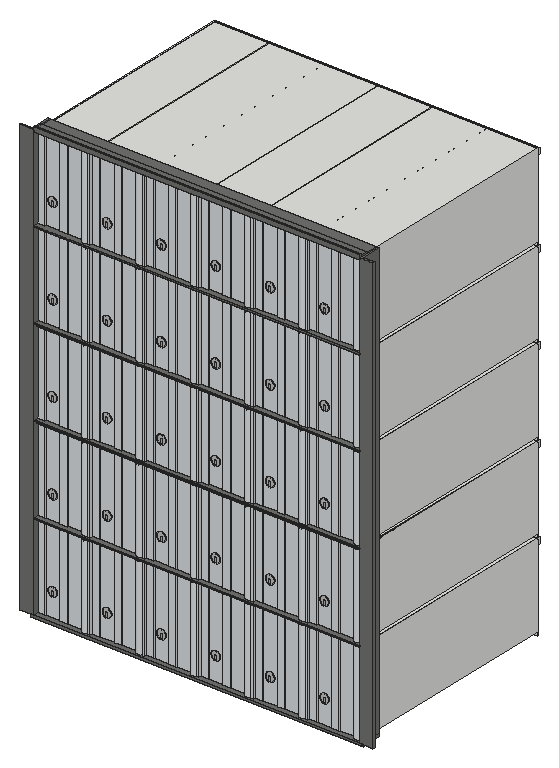
Revit family "2200_Series_Aluminum_Mailboxes_Standard_Units", category Specialty Equipment, Revit 2016 (continued)
Dimensions and locks (in)
  aligned and locked: Extrusion 36 sketch curve to plane 29 "Back Edge of Side Trim"
  aligned and locked: Extrusion 36 sketch curve to plane 82
  aligned and locked: plane 6 "Front" to Extrusion 36 sketch curve
  aligned and locked: plane 68 to Extrusion 36 sketch curve
  aligned and locked: plane 31 "Trop Trim Extrusion Line" to Extrusion 36 sketch curve
  aligned and locked: Extrusion 36 to plane 45 "Door Divider"
  aligned and locked: plane 32 "Left Wall of Enclosure" to Extrusion 36
  aligned and locked: plane 79 to Extrusion 38 sketch curve
  aligned and locked: Extrusion 38 sketch curve to plane 29 "Back Edge of Side Trim"
  aligned and locked: Extrusion 38 sketch curve to plane 80
  aligned and locked: plane 6 "Front" to Extrusion 38 sketch curve
  aligned and locked: plane 70 to Extrusion 38 sketch curve
  aligned and locked: plane 31 "Trop Trim Extrusion Line" to Extrusion 38 sketch curve
  aligned and locked: plane 32 "Left Wall of Enclosure" to Extrusion 38
  aligned and locked: Extrusion 38 to plane 25 "Inner Right Side of Trim"
  aligned and locked: plane 78 to Extrusion 39 sketch curve
  aligned and locked: Extrusion 39 sketch curve to plane 29 "Back Edge of Side Trim"
  aligned and locked: Extrusion 39 sketch curve to plane 77
  aligned and locked: plane 6 "Front" to Extrusion 39 sketch curve
  aligned and locked: plane 71 to Extrusion 39 sketch curve
  aligned and locked: plane 31 "Trop Trim Extrusion Line" to Extrusion 39 sketch curve
  aligned and locked: Extrusion 39 to plane 25 "Inner Right Side of Trim"
  aligned and locked: plane 32 "Left Wall of Enclosure" to Extrusion 39
  aligned and locked: Extrusion 12 sketch curve to plane 21 "Top Trim Height"
  aligned and locked: plane 31 "Trop Trim Extrusion Line" to Extrusion 12 sketch curve
  aligned and locked: Extrusion 12 sketch curve to plane 29 "Back Edge of Side Trim"
  aligned and locked: plane 72 "Divider Offset" to Extrusion 12 sketch curve
  aligned and locked: plane 49 "Vertical Door Align 5" to cut or joined group of Extrusion 8, Extrusion 12, Extrusion 29, Extrusion 32, Extrusion 33
  aligned and locked: cut or joined group of Extrusion 8, Extrusion 12, Extrusion 29, Extrusion 32, Extrusion 33 to plane 41 "Door Divider 5"
  aligned and locked: plane 72 "Divider Offset" to Extrusion 11 sketch curve
  aligned and locked: Extrusion 11 sketch curve to plane 21 "Top Trim Height"
  aligned and locked: plane 31 "Trop Trim Extrusion Line" to Extrusion 11 sketch curve
  aligned and locked: Extrusion 11 sketch curve to plane 29 "Back Edge of Side Trim"
  aligned and locked: plane 50 "Vertical Door Align 8" to cut or joined group of Extrusion 8, Extrusion 11, Extrusion 29, Extrusion 32, Extrusion 33
  aligned and locked: cut or joined group of Extrusion 8, Extrusion 11, Extrusion 29, Extrusion 32, Extrusion 33 to plane 40 "Door Divider 7"
  aligned and locked: Extrusion 14 sketch curve to plane 21 "Top Trim Height"
  aligned and locked: plane 31 "Trop Trim Extrusion Line" to Extrusion 14 sketch curve
  aligned and locked: Extrusion 14 sketch curve to plane 29 "Back Edge of Side Trim"
  aligned and locked: plane 72 "Divider Offset" to Extrusion 14 sketch curve
  aligned and locked: plane 51 "Vertical Door Align 4" to cut or joined group of Extrusion 8, Extrusion 14, Extrusion 29, Extrusion 32, Extrusion 33
  aligned and locked: cut or joined group of Extrusion 8, Extrusion 14, Extrusion 29, Extrusion 32, Extrusion 33 to plane 39 "Door Divider 4"
  aligned and locked: plane 31 "Trop Trim Extrusion Line" to Extrusion 15 sketch curve
  aligned and locked: Extrusion 15 sketch curve to plane 21 "Top Trim Height"
  aligned and locked: Extrusion 15 sketch curve to plane 29 "Back Edge of Side Trim"
  aligned and locked: Extrusion 16 sketch curve to plane 21 "Top Trim Height"
  aligned and locked: plane 31 "Trop Trim Extrusion Line" to Extrusion 16 sketch curve
  aligned and locked: Extrusion 16 sketch curve to plane 29 "Back Edge of Side Trim"
  aligned and locked: plane 72 "Divider Offset" to Extrusion 16 sketch curve
  aligned and locked: cut or joined group of Extrusion 8, Extrusion 16, Extrusion 29, Extrusion 32, Extrusion 33 to plane 37 "Door Divider 2"
  aligned and locked: plane 53 "Vertical Door Align 2" to cut or joined group of Extrusion 8, Extrusion 16, Extrusion 29, Extrusion 32, Extrusion 33
  aligned and locked: plane 72 "Divider Offset" to Extrusion 13 sketch curve
  aligned and locked: Extrusion 13 sketch curve to plane 21 "Top Trim Height"
  aligned and locked: Extrusion 13 sketch curve to plane 29 "Back Edge of Side Trim"
  aligned and locked: plane 31 "Trop Trim Extrusion Line" to Extrusion 13 sketch curve
  aligned and locked: plane 54 "Vertical Door Align 7" to cut or joined group of Extrusion 8, Extrusion 13, Extrusion 29, Extrusion 32, Extrusion 33
  aligned and locked: plane 42 "Door Divider 6" to cut or joined group of Extrusion 8, Extrusion 13, Extrusion 29, Extrusion 32, Extrusion 33
  aligned and locked: Extrusion 17 sketch curve to plane 21 "Top Trim Height"
  aligned and locked: plane 31 "Trop Trim Extrusion Line" to Extrusion 17 sketch curve
  aligned and locked: Extrusion 17 sketch curve to plane 29 "Back Edge of Side Trim"
  aligned and locked: plane 72 "Divider Offset" to Extrusion 17 sketch curve
  aligned and locked: plane 55 "Vertical Door Align 1" to cut or joined group of Extrusion 8, Extrusion 17, Extrusion 29, Extrusion 32, Extrusion 33
  aligned and locked: plane 43 "Door Divider 1" to cut or joined group of Extrusion 8, Extrusion 17, Extrusion 29, Extrusion 32, Extrusion 33
  aligned and locked: plane 11 "Door Align-Back of Door" to nested 40
  aligned and locked: plane 11 "Door Align-Back of Door" to nested 38
  aligned and locked: plane 11 "Door Align-Back of Door" to nested 36
  aligned and locked: plane 11 "Door Align-Back of Door" to nested 34
  aligned and locked: plane 11 "Door Align-Back of Door" to nested 32
  aligned and locked: plane 11 "Door Align-Back of Door" to nested 39
  aligned and locked: plane 11 "Door Align-Back of Door" to nested 37
  aligned and locked: plane 11 "Door Align-Back of Door" to nested 35
  aligned and locked: plane 11 "Door Align-Back of Door" to nested 33
  aligned and locked: plane 11 "Door Align-Back of Door" to nested 31
  aligned and locked: Sweep 5 sketch curve to plane 20 "Bottom Trim Height"
  aligned and locked: Extrusion 2 sketch curve to plane 20 "Bottom Trim Height"
  aligned and locked: plane 20 "Bottom Trim Height" to cut or joined group of Extrusion 3, Extrusion 29, Extrusion 32, Extrusion 33
  aligned and locked: plane 20 "Bottom Trim Height" to cut or joined group of Extrusion 8, Extrusion 10, Extrusion 29, Extrusion 32, Extrusion 33
  aligned and locked: plane 20 "Bottom Trim Height" to cut or joined group of Extrusion 4, Extrusion 29, Extrusion 32, Extrusion 33
  aligned and locked: plane 47 "Door Align - Row 5" to cut or joined group of Extrusion 8, Extrusion 15, Extrusion 29, Extrusion 32, Extrusion 33
  aligned and locked: Extrusion 7 to plane 20 "Bottom Trim Height"
  aligned and locked: plane 25 "Inner Right Side of Trim" to curve 4
  aligned and locked: curve 6 to plane 9 "Top"
  aligned and locked: plane 21 "Top Trim Height" to curve 7
  aligned and locked: plane 20 "Bottom Trim Height" to curve 8
  aligned and locked: plane 30 "Left Side Trim Alignment-Top and Bottom Trim" to curve 9
  aligned and locked: plane 2 "Bottom" to curve 10
  aligned and locked: plane 20 "Bottom Trim Height" to curve 10
  aligned and locked: curve 10 to plane 24 "Right Side Trim Alignment-Top and Bottom Trim"
  aligned and locked: plane 25 "Inner Right Side of Trim" to curve 11
  aligned and locked: plane 20 "Bottom Trim Height" to curve 11
  aligned and locked: curve 12 to plane 74
  aligned and locked: plane 74 to curve 14
  aligned and locked: curve 14 to plane 22
  aligned and locked: plane 20 "Bottom Trim Height" to curve 13
  aligned and locked: plane 22 to curve 13
  aligned and locked: plane 75 to curve 15
  aligned and locked: curve 15 to plane 32 "Left Wall of Enclosure"
  aligned and locked: plane 32 "Left Wall of Enclosure" to curve 16
  aligned and locked: curve 19 to plane 20 "Bottom Trim Height"
  aligned and locked: plane 7 "Back" to curve 20
  aligned and locked: plane 21 "Top Trim Height" to curve 17
  aligned and locked: curve 18 to plane 29 "Back Edge of Side Trim"
  aligned and locked: plane 2 "Bottom" to curve 23
  aligned and locked: curve 22 to plane 6 "Front"
  aligned and locked: plane 29 "Back Edge of Side Trim" to curve 24
  aligned and locked: plane 9 "Top" to curve 21
  aligned and locked: plane 7 "Back" to curve 25
  aligned and locked: curve 27 to plane 29 "Back Edge of Side Trim"
  aligned and locked: plane 24 "Right Side Trim Alignment-Top and Bottom Trim" to curve 28
  aligned and locked: plane 75 to curve 29
  aligned and locked: plane 75 to curve 30
  aligned and locked: plane 29 "Back Edge of Side Trim" to curve 31
  aligned and locked: plane 10 to curve 31
  aligned and locked: plane 30 "Left Side Trim Alignment-Top and Bottom Trim" to curve 31
  aligned and locked: plane 30 "Left Side Trim Alignment-Top and Bottom Trim" to curve 32
  aligned and locked: plane 10 to curve 33
  aligned and locked: plane 6 "Front" to curve 33
  aligned and locked: plane 10 to curve 34
  aligned and locked: curve 34 to plane 24 "Right Side Trim Alignment-Top and Bottom Trim"
  aligned and locked: plane 74 to curve 35
  aligned and locked: plane 10 to curve 36
  aligned and locked: curve 36 to plane 74
  aligned and locked: curve 39 to plane 21 "Top Trim Height"
  aligned and locked: plane 25 "Inner Right Side of Trim" to curve 40
  aligned and locked: plane 32 "Left Wall of Enclosure" to curve 38
  aligned and locked: plane 9 "Top" to curve 37
  aligned and locked: curve 43 to plane 20 "Bottom Trim Height"
  aligned and locked: plane 30 "Left Side Trim Alignment-Top and Bottom Trim" to curve 42
  aligned and locked: curve 41 to plane 2 "Bottom"
  aligned and locked: curve 48 to plane 32 "Left Wall of Enclosure"
  aligned and locked: curve 46 to plane 75
  aligned and locked: plane 22 to curve 49
  aligned and locked: cut or joined group of Sweep 5, Extrusion 8, Extrusion 29, Extrusion 32, Extrusion 33 to plane 125
  aligned and locked: plane 126 to cut or joined group of Sweep 5, Extrusion 8, Extrusion 29, Extrusion 32, Extrusion 33
  aligned and locked: plane 128 to cut or joined group of Sweep 5, Extrusion 8, Extrusion 29, Extrusion 32, Extrusion 33
  aligned and locked: cut or joined group of Sweep 5, Extrusion 8, Extrusion 29, Extrusion 32, Extrusion 33 to plane 127
Automatic sketch dimensions
  plane 17 "Back Edge of Bottom Trim" to Extrusion 2 sketch curve = 0.187"
  plane 14 "Back Edge of Side Panels" to Extrusion 33 sketch curve = 0.000"
  plane 20 "Bottom Trim Height" to Extrusion 7 sketch curve = 0.000"
  plane 20 "Bottom Trim Height" to Extrusion 10 sketch curve = 0.000"
  plane 47 "Door Align - Row 5" to Extrusion 15 sketch curve = 0.000"
  curve 26 to plane 32 "Left Wall of Enclosure" = 0.000"
Nested families (in)
  nested 1: "Rack Ladder #1 Door" at (-5.61775, -7.25025, 0.28125), visible <- "Visible", type <- "Door Location D26", type "#1 Door"
  nested 2: "Rack Ladder #1 Door" at (-9.3155, -7.25025, 0.28125), visible <- "Visible", type <- "Door Location D25", type "#1 Door"
  nested 3: "Rack Ladder #1 Door" at (-1.91975, -7.25025, 0.28125), visible <- "Visible", type <- "Door Location D27", type "#1 Door"
  nested 4: "Rack Ladder #1 Door" at (1.77825, -7.25025, 0.28125), visible <- "Visible", type <- "Door Location D28", type "#1 Door"
  nested 5: "Rack Ladder #1 Door" at (5.47625, -7.25025, 0.28125), visible <- "Visible", type <- "Door Location D29", type "#1 Door"
  nested 6: "Rack Ladder #1 Door" at (9.1765, -7.25025, 0.28125), visible <- "Visible", type <- "Door Location D30", type "#1 Door"
  nested 7: "Rack Ladder #1 Door" at (-5.61775, -7.25025, 6.219), visible <- "Visible", type <- "Door Location D20", type "#1 Door"
  nested 8: "Rack Ladder #1 Door" at (-9.3155, -7.25025, 6.219), visible <- "Visible", type <- "Door Location D19", type "#1 Door"
  nested 9: "Rack Ladder #1 Door" at (-1.91975, -7.25025, 6.219), visible <- "Visible", type <- "Door Location D21", type "#1 Door"
  nested 10: "Rack Ladder #1 Door" at (1.77825, -7.25025, 6.219), visible <- "Visible", type <- "Door Location D22", type "#1 Door"
  nested 11: "Rack Ladder #1 Door" at (5.47625, -7.25025, 6.219), visible <- "Visible", type <- "Door Location D23", type "#1 Door"
  nested 12: "Rack Ladder #1 Door" at (9.1765, -7.25025, 6.219), visible <- "Visible", type <- "Door Location D24", type "#1 Door"
  nested 13: "Rack Ladder #1 Door" at (-5.61775, -7.25025, 12.156), visible <- "Visible", type <- "Door Location D14", type "#1 Door"
  nested 14: "Rack Ladder #1 Door" at (-9.3155, -7.25025, 12.156), visible <- "Visible", type <- "Door Location D13", type "#1 Door"
  nested 15: "Rack Ladder #1 Door" at (-1.91975, -7.25025, 12.156), visible <- "Visible", type <- "Door Location D15", type "#1 Door"
  nested 16: "Rack Ladder #1 Door" at (1.77825, -7.25025, 12.156), visible <- "Visible", type <- "Door Location D16", type "#1 Door"
  nested 17: "Rack Ladder #1 Door" at (5.47625, -7.25025, 12.156), visible <- "Visible", type <- "Door Location D17", type "#1 Door"
  nested 18: "Rack Ladder #1 Door" at (9.1765, -7.25025, 12.156), visible <- "Visible", type <- "Door Location D18", type "#1 Door"
  nested 19: "Rack Ladder #1 Door" at (-5.61775, -7.25025, 18.093), type <- "Door Location D8", visible <- "Visible", type "#1 Door"
  nested 20: "Rack Ladder #1 Door" at (-9.3155, -7.25025, 18.093), type <- "Door Location D7", visible <- "Visible", type "#1 Door"
  nested 21: "Rack Ladder #1 Door" at (-1.91975, -7.25025, 18.093), type <- "Door Location D9", visible <- "Visible", type "#1 Door"
  nested 22: "Rack Ladder #1 Door" at (1.77825, -7.25025, 18.093), type <- "Door Location D10", visible <- "Visible", type "#1 Door"
  nested 23: "Rack Ladder #1 Door" at (5.47625, -7.25025, 18.093), type <- "Door Location D11", visible <- "Visible", type "#1 Door"
  nested 24: "Rack Ladder #1 Door" at (9.1765, -7.25025, 18.093), type <- "Door Location D12", visible <- "Visible", type "#1 Door"
  nested 25: "Rack Ladder #1 Door" at (-5.61775, -7.25025, 24.03), type <- "Door Location D2", visible <- "Visible", type "#1 Door"
  nested 26: "Rack Ladder #1 Door" at (-9.3155, -7.25025, 24.03), type <- "Door Location D1", visible <- "Visible", type "#1 Door"
  nested 27: "Rack Ladder #1 Door" at (-1.91975, -7.25025, 24.03), type <- "Door Location D3", visible <- "Visible", type "#1 Door"
  nested 28: "Rack Ladder #1 Door" at (1.77825, -7.25025, 24.03), type <- "Door Location D4", visible <- "Visible", type "#1 Door"
  nested 29: "Rack Ladder #1 Door" at (5.47625, -7.25025, 24.03), type <- "Door Location D5", visible <- "Visible", type "#1 Door"
  nested 30: "Rack Ladder #1 Door" at (9.1765, -7.25025, 24.03), type <- "Door Location D6", visible <- "Visible", type "#1 Door"
  nested 31: "Rack Ladder None" at (-7.46675, -7.25025, 0.28125), visible <- "Visible", type <- "Door Location D39", type "No Door"
  nested 32: "Rack Ladder None" at (3.628, -7.25025, 0.28125), visible <- "Visible", type <- "Door Location D40", type "No Door"
  nested 33: "Rack Ladder None" at (-7.46675, -7.25025, 6.219), visible <- "Visible", type <- "Door Location D37", type "No Door"
  nested 34: "Rack Ladder None" at (3.628, -7.25025, 6.219), visible <- "Visible", type <- "Door Location D38", type "No Door"
  nested 35: "Rack Ladder None" at (-7.46675, -7.25025, 12.156), visible <- "Visible", type <- "Door Location D35", type "No Door"
  nested 36: "Rack Ladder None" at (3.628, -7.25025, 12.156), visible <- "Visible", type <- "Door Location D36", type "No Door"
  nested 37: "Rack Ladder None" at (-7.46675, -7.25025, 18.093), type <- "Door Location D33", visible <- "Visible", type "No Door"
  nested 38: "Rack Ladder None" at (3.628, -7.25025, 18.093), type <- "Door Location D34", visible <- "Visible", type "No Door"
  nested 39: "Rack Ladder None" at (-7.46675, -7.25025, 24.03), type <- "Door Location D31", visible <- "Visible", type "No Door"
  nested 40: "Rack Ladder None" at (3.628, -7.25025, 24.03), type <- "Door Location D32", visible <- "Visible", type "No Door"
Definition of nested family "Rack Ladder #1 Door"
  Parameters (values of type "#1 Door")
    Width = 3.522"
    Type Comments = "For Aluminum Mailboxes"
    Model = "#1 Door"
    Manufacturer = "Salsbury Industries"
    Lock Offset - Vertical = 1.5625"
    Lock Material = none
    Height = 5.625"
    Front Panel Material = none
    Depth = 0.313"
  Reference planes (in)
    plane 1 "Center (Front/Back)": y = 0
    plane 2 "Bottom of Door": z = 0
    plane 3 "Center (Left/Right)": x = 0
    plane 4 "Left Side of Door": x = -1.761
    plane 5 "Right Side of Door": x = 1.761
    plane 6 "Front of Door": y = -0.1565
    plane 7 "Back of Door": y = 0.1565
    plane 8 "Vertical Center": z = 2.8125
    plane 9 "Top of Door": z = 5.625
    plane 10 "Hinge Line": x = 1.261
    plane 11 "Vertical Lock Center": x = -0.761
    plane 12: z = 1.5625
    plane 13: x = 0.261
    plane 14: x = -0.239
    plane 15: x = -1.239
    plane 16: x = -1.739
    plane 17: x = -2.739
    plane 18: x = -3.208
    plane 19: x = -4.208
    plane 20: x = -4.708
    plane 21: x = -5.708
    plane 22: x = -6.208
    plane 23: x = -7.177
    plane 24: x = -7.677
    plane 25: x = -8.677
    plane 26 "Front of Hinge": y = -0.344
    plane 27 "Door Face Inset Guide": y = -0.12525
    plane 28: z = 4.875
  Forms (in)
    Extrusion 1, solid, material <- "Front Panel Material"
      sketch origin (0, 0, 0) x (1, 0, 0) y (0, 1, 0)
        loop
          line (1.761, 0.1565) -> (-1.761, 0.1565) -> (-1.761, -0.1565) -> (1.261, -0.1565)
          arc (1.261, -0.1565) -> (1.511, -0.34407) -> (1.761, -0.1565) r 0.26039
          line (1.761, -0.1565) -> (1.761, 0.1565)
      from 0 to 5.625
    Extrusion 2, void
      sketch origin (0, -0.344, 0) x (1, 0, 0) y (0, 0, 1)
        loop
          line (0.261, 5.625) -> (0.261, 0) -> (1.261, 0) -> (1.261, 5.625) -> (0.261, 5.625)
        loop
          line (-1.239, 5.625) -> (-1.239, 0) -> (-0.239, 0) -> (-0.239, 5.625) -> (-1.239, 5.625)
        loop
          line (-2.739, 5.625) -> (-2.739, 0) -> (-1.761, 0) -> (-1.761, 5.625) -> (-2.739, 5.625)
        loop
          line (-4.208, 5.625) -> (-4.208, 0) -> (-3.208, 0) -> (-3.208, 5.625) -> (-4.208, 5.625)
        loop
          line (-5.708, 5.625) -> (-5.708, 0) -> (-4.708, 0) -> (-4.708, 5.625) -> (-5.708, 5.625)
        loop
          line (-7.177, 5.625) -> (-7.177, 0) -> (-6.208, 0) -> (-6.208, 5.625) -> (-7.177, 5.625)
        loop
          line (-8.677, 5.625) -> (-8.677, 0) -> (-7.677, 0) -> (-7.677, 5.625) -> (-8.677, 5.625)
      from 0 to -0.21875
    Extrusion 3, void
      sketch origin (0, 0, -1.219) x (1, 0, 0) y (0, 0, 1)
        loop
          circle (-0.761, 2.8125) r 0.3125
      from 0.12525 to -0.1565
    Extrusion 4, solid, material <- "Lock Material"
      sketch origin (0, 0.1565, -1.219) x (1, 0, 0) y (0, 0, 1)
        loop
          circle (-0.761, 2.8125) r 0.3
      from 0 to 0.28175
    Extrusion 5, void
      sketch origin (0, -0.1565, -1.219) x (1, 0, 0) y (0, 0, 1)
        loop
          line (-0.8235, 2.85778) -> (-0.8235, 2.51103) -> (-0.6985, 2.51103) -> (-0.6985, 2.85778) -> (-0.8235, 2.85778)
      from -0.1565 to 0
  Cuts and joins
    Extrusion 2, Extrusion 3 cuts Extrusion 1
    Extrusion 5 cuts Extrusion 4
  Lines and regions (in)
    symbolic lines
      curve 1: line (-1.761, -0.1565, 5.625) -> (1.761, -0.1565, 5.625)
      curve 2: line (-1.761, -0.1565, 0) -> (-1.761, -0.1565, 5.625)
      curve 3: line (1.761, -0.1565, 0) -> (-1.761, -0.1565, 0)
      curve 4: line (1.761, -0.1565, 5.625) -> (1.761, -0.1565, 0)
      curve 5: circle (-0.761, -0.1565, 1.59297) r 0.31256 normal (0, -1, 0)
      curve 6: line (1.261, -0.1565, 5.625) -> (1.261, -0.1565, 0)
  Dimensions and locks (in)
    equal spacing: plane 9 "Top of Door", plane 8 "Vertical Center", plane 2 "Bottom of Door"
    equal spacing: plane 4 "Left Side of Door", plane 3 "Center (Left/Right)", plane 5 "Right Side of Door"
    equal spacing: plane 6 "Front of Door", plane 1 "Center (Front/Back)", plane 7 "Back of Door"
    "Height": plane 9 "Top of Door" to plane 2 "Bottom of Door"
    "Width": plane 4 "Left Side of Door" to plane 5 "Right Side of Door"
    "Depth": plane 6 "Front of Door" to plane 7 "Back of Door"
    plane 10 "Hinge Line" to plane 5 "Right Side of Door" = 0.500"
    "Lock Offset - Vertical": plane 12 to plane 2 "Bottom of Door"
    plane 4 "Left Side of Door" to plane 11 "Vertical Lock Center" = 1.000"
    plane 25 to plane 24 to plane 23 to plane 22 to plane 21 to plane 20 to plane 19 to plane 18 to plane 17 to plane 16 to plane 15 to plane 14 to plane 13 to plane 10 "Hinge Line" = 1.000" locked, 0.500" locked, 0.969" locked, 0.500" locked, 1.000" locked, 0.500" locked, 1.000" locked, 0.469" locked, 1.000" locked, 0.500" locked, 1.000" locked, 0.500" locked, 1.000" locked
    plane 26 "Front of Hinge" to plane 6 "Front of Door" = 0.1875"
    plane 6 "Front of Door" to plane 27 "Door Face Inset Guide" = 0.03125"
    plane 9 "Top of Door" to plane 28 = 0.750"
    aligned and locked: level to plane 2 "Bottom of Door"
    aligned and locked: cut or joined group of Extrusion 1, Extrusion 2, Extrusion 3 to plane 2 "Bottom of Door"
    aligned and locked: cut or joined group of Extrusion 1, Extrusion 2, Extrusion 3 to plane 9 "Top of Door"
    aligned and locked: plane 9 "Top of Door" to Extrusion 2 sketch curve  (x7)
    aligned and locked: plane 2 "Bottom of Door" to curve 3
    aligned and locked: plane 5 "Right Side of Door" to curve 4
    aligned and locked: plane 9 "Top of Door" to curve 1
    aligned and locked: curve 2 to plane 4 "Left Side of Door"
    aligned and locked: plane 9 "Top of Door" to curve 6
    aligned and locked: plane 2 "Bottom of Door" to curve 6
    aligned and locked: plane 10 "Hinge Line" to curve 6
  Automatic sketch dimensions
    Extrusion 1 sketch curve to plane 4 "Left Side of Door" = 0.000"
    plane 6 "Front of Door" to Extrusion 1 sketch curve = 0.000"  (x2)
    Extrusion 1 sketch curve to plane 10 "Hinge Line" = 0.000"
    Extrusion 1 sketch curve to plane 5 "Right Side of Door" = 0.000"
    plane 7 "Back of Door" to Extrusion 1 sketch curve = 0.000"
    Extrusion 1 sketch curve to plane 27 "Door Face Inset Guide" = 0.04158"
    Extrusion 2 sketch curve to level = 0.000"  (x7)
    plane 25 to Extrusion 2 sketch curve = 0.000"
    plane 24 to Extrusion 2 sketch curve = 0.000"
    plane 23 to Extrusion 2 sketch curve = 0.000"
    plane 22 to Extrusion 2 sketch curve = 0.000"
    plane 21 to Extrusion 2 sketch curve = 0.000"
    plane 20 to Extrusion 2 sketch curve = 0.000"
    plane 19 to Extrusion 2 sketch curve = 0.000"
    plane 18 to Extrusion 2 sketch curve = 0.000"
    plane 17 to Extrusion 2 sketch curve = 0.000"
    plane 16 to Extrusion 2 sketch curve = 0.022"
    plane 15 to Extrusion 2 sketch curve = 0.000"
    plane 14 to Extrusion 2 sketch curve = 0.000"
    plane 13 to Extrusion 2 sketch curve = 0.000"
    plane 10 "Hinge Line" to Extrusion 2 sketch curve = 0.000"
    plane 8 "Vertical Center" to Extrusion 3 sketch curve = 1.219"
    plane 11 "Vertical Lock Center" to Extrusion 3 sketch curve = 0.000"
    plane 8 "Vertical Center" to Extrusion 4 sketch curve = 1.219"
    plane 11 "Vertical Lock Center" to Extrusion 4 sketch curve = 0.000"
    plane 11 "Vertical Lock Center" to Extrusion 5 sketch curve = 0.0625"
    Extrusion 5 sketch curve to plane 11 "Vertical Lock Center" = 0.0625"
    plane 8 "Vertical Center" to Extrusion 5 sketch curve = 1.52047"
    plane 8 "Vertical Center" to Extrusion 5 sketch curve = 1.17372"
    plane 11 "Vertical Lock Center" to curve 5 = 0.000"
    curve 5 to plane 12 = 0.03047"
    radius of Extrusion 3 sketch curve = 0.3125"
    radius of Extrusion 4 sketch curve = 0.300"
    radius of curve 5 = 0.31256"
Definition of nested family "Rack Ladder None"
  Parameters (values of type "No Door")
    Width = 3.522"
    Visible = no
    Type Comments = "For Aluminum Mailboxes"
    Model = "#1 Door"
    Manufacturer = "Salsbury Industries"
    Lock Offset - Vertical = 1.5625"
    Lock Material = none
    Height = 5.625"
    Front Panel Material = none
    Door Numbers = no
    Door Number [instance] = "1"
    Depth = 0.313"
  Reference planes (in)
    plane 1 "Center (Front/Back)": y = 0
    plane 2 "Bottom of Door": z = 0
    plane 3 "Center (Left/Right)": x = 0
    plane 4 "Left Side of Door": x = -1.761
    plane 5 "Right Side of Door": x = 1.761
    plane 6 "Front of Door": y = -0.1565
    plane 7 "Back of Door": y = 0.1565
    plane 8 "Vertical Center": z = 2.8125
    plane 9 "Top of Door": z = 5.625
    plane 10 "Hinge Line": x = 1.261
    plane 11 "Vertical Lock Center": x = -0.761
    plane 12: z = 1.5625
    plane 13: x = 0.261
    plane 14: x = -0.239
    plane 15: x = -1.239
    plane 16: x = -1.739
    plane 17: x = -2.739
    plane 18: x = -3.208
    plane 19: x = -4.208
    plane 20: x = -4.708
    plane 21: x = -5.708
    plane 22: x = -6.208
    plane 23: x = -7.177
    plane 24: x = -7.677
    plane 25: x = -8.677
    plane 26 "Front of Hinge": y = -0.344
    plane 27 "Door Face Inset Guide": y = -0.12525
    plane 28: z = 4.875
  Forms (in)
    Extrusion 1, solid, material <- "Front Panel Material", visible <- "Visible"
      sketch origin (0, 0, 0) x (1, 0, 0) y (0, 1, 0)
        loop
          line (1.761, 0.1565) -> (-1.761, 0.1565) -> (-1.761, -0.1565) -> (1.261, -0.1565)
          arc (1.261, -0.1565) -> (1.511, -0.34407) -> (1.761, -0.1565) r 0.26039
          line (1.761, -0.1565) -> (1.761, 0.1565)
      from 0 to 5.625
    Extrusion 2, void
      sketch origin (0, -0.344, 0) x (1, 0, 0) y (0, 0, 1)
        loop
          line (0.261, 5.625) -> (0.261, 0) -> (1.261, 0) -> (1.261, 5.625) -> (0.261, 5.625)
        loop
          line (-1.239, 5.625) -> (-1.239, 0) -> (-0.239, 0) -> (-0.239, 5.625) -> (-1.239, 5.625)
        loop
          line (-2.739, 5.625) -> (-2.739, 0) -> (-1.761, 0) -> (-1.761, 5.625) -> (-2.739, 5.625)
        loop
          line (-4.208, 5.625) -> (-4.208, 0) -> (-3.208, 0) -> (-3.208, 5.625) -> (-4.208, 5.625)
        loop
          line (-5.708, 5.625) -> (-5.708, 0) -> (-4.708, 0) -> (-4.708, 5.625) -> (-5.708, 5.625)
        loop
          line (-7.177, 5.625) -> (-7.177, 0) -> (-6.208, 0) -> (-6.208, 5.625) -> (-7.177, 5.625)
        loop
          line (-8.677, 5.625) -> (-8.677, 0) -> (-7.677, 0) -> (-7.677, 5.625) -> (-8.677, 5.625)
      from 0 to -0.21875
    Extrusion 3, void
      sketch origin (0, 0, -1.219) x (1, 0, 0) y (0, 0, 1)
        loop
          circle (-0.761, 2.8125) r 0.3125
      from 0.12525 to -0.1565
    Extrusion 4, solid, material <- "Lock Material", visible <- "Visible"
      sketch origin (0, 0.1565, -1.219) x (1, 0, 0) y (0, 0, 1)
        loop
          circle (-0.761, 2.8125) r 0.3
      from 0 to 0.28175
    Extrusion 5, void
      sketch origin (0, -0.1565, -1.219) x (1, 0, 0) y (0, 0, 1)
        loop
          line (-0.8235, 2.85778) -> (-0.8235, 2.51103) -> (-0.6985, 2.51103) -> (-0.6985, 2.85778) -> (-0.8235, 2.85778)
      from -0.1565 to 0
  Cuts and joins
    Extrusion 2, Extrusion 3 cuts Extrusion 1
    Extrusion 5 cuts Extrusion 4
  Dimensions and locks (in)
    equal spacing: plane 9 "Top of Door", plane 8 "Vertical Center", plane 2 "Bottom of Door"
    equal spacing: plane 4 "Left Side of Door", plane 3 "Center (Left/Right)", plane 5 "Right Side of Door"
    equal spacing: plane 6 "Front of Door", plane 1 "Center (Front/Back)", plane 7 "Back of Door"
    "Height": plane 9 "Top of Door" to plane 2 "Bottom of Door"
    "Width": plane 4 "Left Side of Door" to plane 5 "Right Side of Door"
    "Depth": plane 6 "Front of Door" to plane 7 "Back of Door"
    plane 10 "Hinge Line" to plane 5 "Right Side of Door" = 0.500"
    "Lock Offset - Vertical": plane 12 to plane 2 "Bottom of Door"
    plane 4 "Left Side of Door" to plane 11 "Vertical Lock Center" = 1.000"
    plane 25 to plane 24 to plane 23 to plane 22 to plane 21 to plane 20 to plane 19 to plane 18 to plane 17 to plane 16 to plane 15 to plane 14 to plane 13 to plane 10 "Hinge Line" = 1.000" locked, 0.500" locked, 0.969" locked, 0.500" locked, 1.000" locked, 0.500" locked, 1.000" locked, 0.469" locked, 1.000" locked, 0.500" locked, 1.000" locked, 0.500" locked, 1.000" locked
    plane 26 "Front of Hinge" to plane 6 "Front of Door" = 0.1875"
    plane 6 "Front of Door" to plane 27 "Door Face Inset Guide" = 0.03125"
    plane 9 "Top of Door" to plane 28 = 0.750"
    aligned and locked: level to plane 2 "Bottom of Door"
    aligned and locked: cut or joined group of Extrusion 1, Extrusion 2, Extrusion 3 to plane 2 "Bottom of Door"
    aligned and locked: cut or joined group of Extrusion 1, Extrusion 2, Extrusion 3 to plane 9 "Top of Door"
    aligned and locked: plane 9 "Top of Door" to Extrusion 2 sketch curve  (x7)
  Automatic sketch dimensions
    Extrusion 1 sketch curve to plane 4 "Left Side of Door" = 0.000"
    plane 6 "Front of Door" to Extrusion 1 sketch curve = 0.000"  (x2)
    Extrusion 1 sketch curve to plane 10 "Hinge Line" = 0.000"
    Extrusion 1 sketch curve to plane 5 "Right Side of Door" = 0.000"
    plane 7 "Back of Door" to Extrusion 1 sketch curve = 0.000"
    Extrusion 1 sketch curve to plane 27 "Door Face Inset Guide" = 0.04158"
    Extrusion 2 sketch curve to level = 0.000"  (x7)
    plane 25 to Extrusion 2 sketch curve = 0.000"
    plane 24 to Extrusion 2 sketch curve = 0.000"
    plane 23 to Extrusion 2 sketch curve = 0.000"
    plane 22 to Extrusion 2 sketch curve = 0.000"
    plane 21 to Extrusion 2 sketch curve = 0.000"
    plane 20 to Extrusion 2 sketch curve = 0.000"
    plane 19 to Extrusion 2 sketch curve = 0.000"
    plane 18 to Extrusion 2 sketch curve = 0.000"
    plane 17 to Extrusion 2 sketch curve = 0.000"
    plane 16 to Extrusion 2 sketch curve = 0.022"
    plane 15 to Extrusion 2 sketch curve = 0.000"
    plane 14 to Extrusion 2 sketch curve = 0.000"
    plane 13 to Extrusion 2 sketch curve = 0.000"
    plane 10 "Hinge Line" to Extrusion 2 sketch curve = 0.000"
    plane 8 "Vertical Center" to Extrusion 3 sketch curve = 1.219"
    plane 11 "Vertical Lock Center" to Extrusion 3 sketch curve = 0.000"
    plane 8 "Vertical Center" to Extrusion 4 sketch curve = 1.219"
    plane 11 "Vertical Lock Center" to Extrusion 4 sketch curve = 0.000"
    plane 11 "Vertical Lock Center" to Extrusion 5 sketch curve = 0.0625"
    Extrusion 5 sketch curve to plane 11 "Vertical Lock Center" = 0.0625"
    plane 8 "Vertical Center" to Extrusion 5 sketch curve = 1.52047"
    plane 8 "Vertical Center" to Extrusion 5 sketch curve = 1.17372"
    radius of Extrusion 3 sketch curve = 0.3125"
    radius of Extrusion 4 sketch curve = 0.300"
Types (7): name | Void 4 Offset | Void 2 Offset | Visible | Version | URL | Rear Overhang | OmniClass 23 Title | OmniClass 23 Number | Model | Horizontal Dividers 1 and 3 | Horizontal Divider 4 | Horizontal Divider 2 | Door Numbers | Door Location D9 | Door Location D8 | Door Location D7 | Door Location D6 | Door Location D5 | Door Location D40 | Door Location D4 | Door Location D39 | Door Location D38 | Door Location D37 | Door Location D36 | Door Location D35 | Door Location D34 | Door Location D33 | Door Location D32 | Door Location D31 | Door Location D30 | Door Location D3 | Door Location D29 | Door Location D28 | Door Location D27 | Door Location D26 | Door Location D25 | Door Location D24 | Door Location D23 | Door Location D22 | Door Location D21 | Door Location D20 | Door Location D2 | Door Location D19 | Door Location D18 | Door Location D17 | Door Location D16 | Door Location D15 | Door Location D14 | Door Location D13 | Door Location D12 | Door Location D11 | Door Location D10 | Door Location D1 | Dividers 6, 7 | Dividers 1, 2, 4, 5 | Divider 6 and 7 Offset | Divider 3 | Description
  2230 | 6.06262" | 17.937" | yes | "2.0 (06/30/18)" | "www.mailboxes.com" | yes | "Mail Boxes" | "23.40.90.14.11" | "2230" | yes | yes | yes | yes | Rack Ladder #1 Door : #1 Door | Rack Ladder #1 Door : #1 Door | Rack Ladder #1 Door : #1 Door | Rack Ladder #1 Door : #1 Door | Rack Ladder #1 Door : #1 Door | Rack Ladder None : No Door | Rack Ladder #1 Door : #1 Door | Rack Ladder None : No Door | Rack Ladder None : No Door | Rack Ladder None : No Door | Rack Ladder None : No Door | Rack Ladder None : No Door | Rack Ladder None : No Door | Rack Ladder None : No Door | Rack Ladder None : No Door | Rack Ladder None : No Door | Rack Ladder #1 Door : #1 Door | Rack Ladder #1 Door : #1 Door | Rack Ladder #1 Door : #1 Door | Rack Ladder #1 Door : #1 Door | Rack Ladder #1 Door : #1 Door | Rack Ladder #1 Door : #1 Door | Rack Ladder #1 Door : #1 Door | Rack Ladder #1 Door : #1 Door | Rack Ladder #1 Door : #1 Door | Rack Ladder #1 Door : #1 Door | Rack Ladder #1 Door : #1 Door | Rack Ladder #1 Door : #1 Door | Rack Ladder #1 Door : #1 Door | Rack Ladder #1 Door : #1 Door | Rack Ladder #1 Door : #1 Door | Rack Ladder #1 Door : #1 Door | Rack Ladder #1 Door : #1 Door | Rack Ladder #1 Door : #1 Door | Rack Ladder #1 Door : #1 Door | Rack Ladder #1 Door : #1 Door | Rack Ladder #1 Door : #1 Door | Rack Ladder #1 Door : #1 Door | Rack Ladder #1 Door : #1 Door | Rack Ladder #1 Door : #1 Door | no | yes | 29.40625" | yes | "Standard System - 30 #1 Doors"
  None | 6.063" | 17.937" | no | "1.0 (04/30/17)" | 0.000" | no | "" | "" | "2230" | no | no | no | no | Rack Ladder #1 Door : #1 Door | Rack Ladder #1 Door : #1 Door | Rack Ladder #1 Door : #1 Door | Rack Ladder #1 Door : #1 Door | Rack Ladder #1 Door : #1 Door | Rack Ladder #1 Door : #1 Door | Rack Ladder #1 Door : #1 Door | Rack Ladder #1 Door : #1 Door | Rack Ladder #1 Door : #1 Door | Rack Ladder #1 Door : #1 Door | Rack Ladder #1 Door : #1 Door | Rack Ladder #1 Door : #1 Door | Rack Ladder #1 Door : #1 Door | Rack Ladder #1 Door : #1 Door | Rack Ladder #1 Door : #1 Door | Rack Ladder #1 Door : #1 Door | Rack Ladder #1 Door : #1 Door | Rack Ladder #1 Door : #1 Door | Rack Ladder #1 Door : #1 Door | Rack Ladder #1 Door : #1 Door | Rack Ladder #1 Door : #1 Door | Rack Ladder #1 Door : #1 Door | Rack Ladder #1 Door : #1 Door | Rack Ladder #1 Door : #1 Door | Rack Ladder #1 Door : #1 Door | Rack Ladder #1 Door : #1 Door | Rack Ladder #1 Door : #1 Door | Rack Ladder #1 Door : #1 Door | Rack Ladder #1 Door : #1 Door | Rack Ladder #1 Door : #1 Door | Rack Ladder #1 Door : #1 Door | Rack Ladder #1 Door : #1 Door | Rack Ladder #1 Door : #1 Door | Rack Ladder #1 Door : #1 Door | Rack Ladder #1 Door : #1 Door | Rack Ladder #1 Door : #1 Door | Rack Ladder #1 Door : #1 Door | Rack Ladder #1 Door : #1 Door | Rack Ladder #1 Door : #1 Door | Rack Ladder #1 Door : #1 Door | no | no | 29.406" | no | "Standard System - 30 #1 Doors"
  2220 | 6.06262" | 17.937" | yes | "2.0 (06/30/18)" | "www.mailboxes.com" | yes | "Mail Boxes" | "23.40.90.14.11" | "2220" | yes | yes | yes | yes | Rack Ladder #2 Door : #2 Door | Rack Ladder None : No Door | Rack Ladder None : No Door | Rack Ladder #2 Door : #2 Door | Rack Ladder None : No Door | Rack Ladder #2 Door : #2 Door | Rack Ladder None : No Door | Rack Ladder #2 Door : #2 Door | Rack Ladder #2 Door : #2 Door | Rack Ladder #2 Door : #2 Door | Rack Ladder #2 Door : #2 Door | Rack Ladder #2 Door : #2 Door | Rack Ladder #2 Door : #2 Door | Rack Ladder #2 Door : #2 Door | Rack Ladder #2 Door : #2 Door | Rack Ladder #2 Door : #2 Door | Rack Ladder #2 Door : #2 Door | Rack Ladder #2 Door : #2 Door | Rack Ladder None : No Door | Rack Ladder None : No Door | Rack Ladder #2 Door : #2 Door | Rack Ladder None : No Door | Rack Ladder None : No Door | Rack Ladder #2 Door : #2 Door | Rack Ladder None : No Door | Rack Ladder None : No Door | Rack Ladder #2 Door : #2 Door | Rack Ladder None : No Door | Rack Ladder None : No Door | Rack Ladder None : No Door | Rack Ladder #2 Door : #2 Door | Rack Ladder None : No Door | Rack Ladder None : No Door | Rack Ladder #2 Door : #2 Door | Rack Ladder None : No Door | Rack Ladder None : No Door | Rack Ladder #2 Door : #2 Door | Rack Ladder None : No Door | Rack Ladder None : No Door | Rack Ladder None : No Door | yes | no | 29.40625" | yes | "Standard System - 20 #2 Doors"
  2218 | 6.06262" | 17.937" | yes | "2.0 (06/30/18)" | "www.mailboxes.com" | yes | "Mail Boxes" | "23.40.90.14.11" | "2218" | yes | yes | yes | yes | Rack Ladder #2 Door : #2 Door | Rack Ladder None : No Door | Rack Ladder None : No Door | Rack Ladder #2 Door : #2 Door | Rack Ladder None : No Door | Rack Ladder None : No Door | Rack Ladder None : No Door | Rack Ladder None : No Door | Rack Ladder #2 Door : #2 Door | Rack Ladder #2 Door : #2 Door | Rack Ladder #2 Door : #2 Door | Rack Ladder #2 Door : #2 Door | Rack Ladder #2 Door : #2 Door | Rack Ladder #2 Door : #2 Door | Rack Ladder #2 Door : #2 Door | Rack Ladder #2 Door : #2 Door | Rack Ladder #3 Door : #3 Door | Rack Ladder #2 Door : #2 Door | Rack Ladder None : No Door | Rack Ladder None : No Door | Rack Ladder #3 Door : #3 Door | Rack Ladder None : No Door | Rack Ladder None : No Door | Rack Ladder #2 Door : #2 Door | Rack Ladder None : No Door | Rack Ladder None : No Door | Rack Ladder #2 Door : #2 Door | Rack Ladder None : No Door | Rack Ladder None : No Door | Rack Ladder None : No Door | Rack Ladder #2 Door : #2 Door | Rack Ladder None : No Door | Rack Ladder None : No Door | Rack Ladder #2 Door : #2 Door | Rack Ladder None : No Door | Rack Ladder None : No Door | Rack Ladder #2 Door : #2 Door | Rack Ladder None : No Door | Rack Ladder None : No Door | Rack Ladder None : No Door | yes | no | 23.437" | yes | "Standard System - 16 #2 Doors; 2 #3 Doors"
  2214 | 0.000" | 17.937" | yes | "2.0 (06/30/18)" | "www.mailboxes.com" | yes | "Mail Boxes" | "23.40.90.14.11" | "2214" | yes | no | yes | yes | Rack Ladder #2 Door : #2 Door | Rack Ladder None : No Door | Rack Ladder None : No Door | Rack Ladder #2 Door : #2 Door | Rack Ladder None : No Door | Rack Ladder None : No Door | Rack Ladder None : No Door | Rack Ladder None : No Door | Rack Ladder None : No Door | Rack Ladder None : No Door | Rack Ladder #2 Door : #2 Door | Rack Ladder #2 Door : #2 Door | Rack Ladder #2 Door : #2 Door | Rack Ladder #2 Door : #2 Door | Rack Ladder #2 Door : #2 Door | Rack Ladder #2 Door : #2 Door | Rack Ladder #4 Door : #4 Door | Rack Ladder #2 Door : #2 Door | Rack Ladder None : No Door | Rack Ladder None : No Door | Rack Ladder #4 Door : #4 Door | Rack Ladder None : No Door | Rack Ladder None : No Door | Rack Ladder None : No Door | Rack Ladder None : No Door | Rack Ladder None : No Door | Rack Ladder None : No Door | Rack Ladder None : No Door | Rack Ladder None : No Door | Rack Ladder None : No Door | Rack Ladder #2 Door : #2 Door | Rack Ladder None : No Door | Rack Ladder None : No Door | Rack Ladder #2 Door : #2 Door | Rack Ladder None : No Door | Rack Ladder None : No Door | Rack Ladder #2 Door : #2 Door | Rack Ladder None : No Door | Rack Ladder None : No Door | Rack Ladder None : No Door | yes | no | 17.500" | yes | "Standard System - 12 #2 Doors; 2 #4 Doors"
  2210 | 6.06262" | 17.937" | yes | "2.0 (06/30/18)" | "www.mailboxes.com" | yes | "Mail Boxes" | "23.40.90.14.11" | "2210" | yes | yes | yes | yes | Rack Ladder #3 Door : #3 Door | Rack Ladder None : No Door | Rack Ladder None : No Door | Rack Ladder #3 Door : #3 Door | Rack Ladder None : No Door | Rack Ladder None : No Door | Rack Ladder None : No Door | Rack Ladder None : No Door | Rack Ladder None : No Door | Rack Ladder None : No Door | Rack Ladder None : No Door | Rack Ladder None : No Door | Rack Ladder None : No Door | Rack Ladder None : No Door | Rack Ladder None : No Door | Rack Ladder None : No Door | Rack Ladder #3 Door : #3 Door | Rack Ladder #3 Door : #3 Door | Rack Ladder None : No Door | Rack Ladder None : No Door | Rack Ladder #3 Door : #3 Door | Rack Ladder None : No Door | Rack Ladder None : No Door | Rack Ladder #3 Door : #3 Door | Rack Ladder None : No Door | Rack Ladder None : No Door | Rack Ladder #3 Door : #3 Door | Rack Ladder None : No Door | Rack Ladder None : No Door | Rack Ladder None : No Door | Rack Ladder #3 Door : #3 Door | Rack Ladder None : No Door | Rack Ladder None : No Door | Rack Ladder #3 Door : #3 Door | Rack Ladder None : No Door | Rack Ladder None : No Door | Rack Ladder #3 Door : #3 Door | Rack Ladder None : No Door | Rack Ladder None : No Door | Rack Ladder None : No Door | no | no | 29.406" | yes | "Standard System - 10 #3 Doors"
  2206 | 0.000" | 0.000" | yes | "2.0 (06/30/18)" | "www.mailboxes.com" | yes | "Mail Boxes" | "23.40.90.14.11" | "2206" | yes | no | no | yes | Rack Ladder None : No Door | Rack Ladder None : No Door | Rack Ladder None : No Door | Rack Ladder #3 Door : #3 Door | Rack Ladder None : No Door | Rack Ladder None : No Door | Rack Ladder None : No Door | Rack Ladder None : No Door | Rack Ladder None : No Door | Rack Ladder None : No Door | Rack Ladder None : No Door | Rack Ladder None : No Door | Rack Ladder None : No Door | Rack Ladder None : No Door | Rack Ladder None : No Door | Rack Ladder None : No Door | Rack Ladder #4 Door : #4 Door | Rack Ladder #3 Door : #3 Door | Rack Ladder None : No Door | Rack Ladder None : No Door | Rack Ladder #4 Door : #4 Door | Rack Ladder None : No Door | Rack Ladder None : No Door | Rack Ladder None : No Door | Rack Ladder None : No Door | Rack Ladder None : No Door | Rack Ladder None : No Door | Rack Ladder None : No Door | Rack Ladder None : No Door | Rack Ladder None : No Door | Rack Ladder #4 Door : #4 Door | Rack Ladder None : No Door | Rack Ladder None : No Door | Rack Ladder #4 Door : #4 Door | Rack Ladder None : No Door | Rack Ladder None : No Door | Rack Ladder None : No Door | Rack Ladder None : No Door | Rack Ladder None : No Door | Rack Ladder None : No Door | no | no | 29.406" | yes | "Standard System - 2 #3 Doors; 4 #4 Doors"
